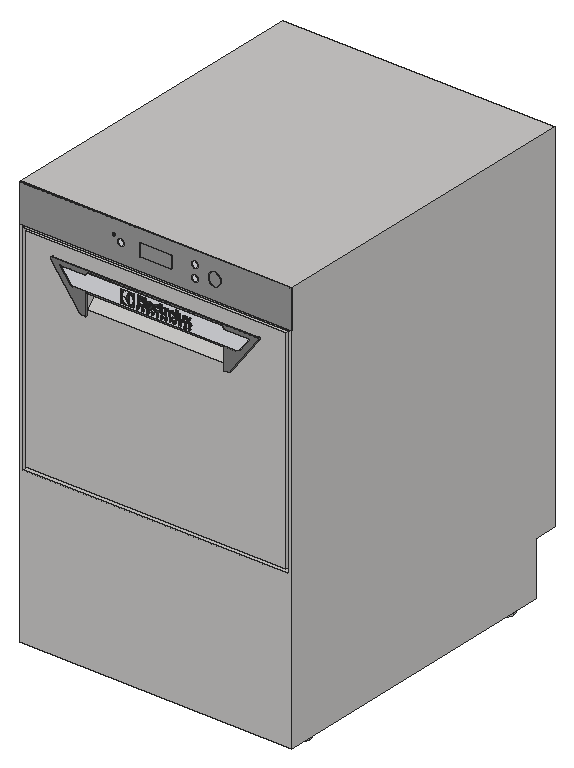
Revit family "QF_ELECTROLUXPROFESSIONAL_402187_ETGWS1S", category Attrezzature speciali, Revit 2021
Family settings
  Quota connettore circolare = Usa diametro
  Tipo di parte = Normale
  Basato su piano di lavoro = No
  Sempre verticale = Sì
  Taglio con vuoti quando caricato = No
  Condiviso = No
  Punto di calcolo locali = No
Parameters (values of type "Standard")
  Weight = 36.50 kg
  Watts = 2700 W
  Volts = 220 V
  URL Manufacturer = "https://www.electroluxprofessional.com/"
  URL = "https://www.electroluxprofessional.com/"
  Steam Supply Size = 0 mm
  Steam Supply Minimum Pressure = 0.0 Pa
  Steam Supply Maximum Pressure = 0.0 Pa
  Steam Consumption per Hour = 0
  Show Logo [instance] = yes
  Show Clearance [instance] = yes
  Refrigeration Suction Line Size = 0 mm
  Refrigeration Liquid Line Size = 0 mm
  Refrigerant Compressor Remote = yes
  Produttore = "Electrolux Professional"
  Phase = 1
  Modello = "ETGWS1S"
  Length Actual = 455 mm  # constant formula
  Item Number = "402187"
  Hot Water Size = 0 mm
  Height Actual = 700 mm  # constant formula
  HP = "3.6 HP"
  Gas Size = 0 mm
  Gas KW = 0
  Gas Input Pressure = 0 W
  Direct Waste Size = 29 mm
  Descrizione = "UC GLASSWASHER (S), ELECTRONIC, SINGLE SKIN, PRESSURE, RINSE AID PUMP, 40R/H, 230/1/50HZ, SCHUKO PLUG"
  Prospetto di default = 0 mm
  Depth Actual = 550 mm  # constant formula
  Cycle = 50 Hz
  Condensate Return Size = 0 mm
  Compressed Air Volume = 0.0 L/s
  Compressed Air Size = 0 mm
  Compressed Air Pressure = 0.0 Pa
  Cold Water Size = 19.05 mm
  Accessory = yes
Reference planes
  plane 1 "Center (Front/Back)": y = 0
  plane 2: z = 0
  plane 3 "Center (Left/Right)": x = 0
  plane 4 "LEFT": x = -227.5
  plane 5 "RIGHT": x = 227.5
  plane 6 "FRONT": y = -275
  plane 7 "BACK": y = 275
  plane 8: z = 700
  plane 9: z = 10
  plane 10: y = 236
  plane 11 "2": y = -274
Forms (mm)
  Extrusion 1, solid, material "QF_Finishes_Stainless Steel", detail levels medium+fine
    sketch origin (0, 0, 0) x (1, 0, 0) y (0, 1, 0)
      loop
        line (-227.5, -275) -> (227.5, -275) -> (227.5, 236) -> (-227.5, 236) -> (-227.5, -275)
    from 10 to 700
  Extrusion 2, solid, material "QF_Finishes_Stainless Steel", detail levels medium+fine
    sketch origin (0, 0, 0) x (1, 0, 0) y (0, 1, 0)
      loop
        line (-227.5, 236) -> (227.5, 236) -> (227.5, 275) -> (-227.5, 275) -> (-227.5, 236)
    from 100 to 700
  Extrusion 3, solid, material "QF_Finishes_Stainless Steel", detail levels fine
    sketch origin (0, 0, 0) x (1, 0, 0) y (0, 1, 0)
      loop
        circle (-208, 198) r 12.5
      loop
        circle (208, 198) r 12.5
      loop
        circle (-208, -228) r 12.5
      loop
        circle (208, -228) r 12.5
    from 0 to 10
  Extrusion 4, void
    sketch origin (-227.5, -275, 0) x (-1, 0, 0) y (0, 0, 1)
      loop
        line (-5, 634.145) -> (-450, 634.145) -> (-450, 270) -> (-5, 270) -> (-5, 634.145)
    from 0 to 30
  Extrusion 5, solid, material "QF_Finishes_Stainless Steel"
    sketch origin (-212, -392, 752) x (0, 0, -1) y (1, 0, 0)
      loop
        circle (693, 215.5) r 10
    from -628 to -667
  Extrusion 6, solid, material "QF_Finishes_Stainless Steel"
    sketch origin (-432.481, -392, 722) x (0, 0, -1) y (1, 0, 0)
      loop
        circle (663, 324.981) r 8
    from -628 to -667
  Extrusion 7, solid, material "QF_Finishes_Stainless Steel"
    sketch origin (-268, -392, 682.5) x (0, 0, -1) y (1, 0, 0)
      loop
        circle (663, 230.5) r 8
    from -628 to -667
  Extrusion 8, solid, material "QF_Finishes_Stainless Steel"
    sketch origin (-50.5, 508.026, -145.045) x (0, -1, 0) y (0, 0, 1)
      loop
        line (755.578, 774.145) -> (755.578, 420.045) -> (783.026, 420.045) -> (783.026, 774.145) -> (755.578, 774.145)
    from -268.245 to 167
  Extrusion 9, solid, material "QF_Finishes_Grey"
    sketch origin (1109.779, -277.6, -140) x (-1, 0, 0) y (0, 0, 1)
      loop
        line (1224.779, 677.936) -> (1231.15, 677.936)
        arc (1231.15, 677.936) -> (1234.782, 678.808) -> (1237.622, 681.234) r 8
        line (1237.622, 681.234) -> (1283.237, 744.017)
        arc (1283.237, 744.017) -> (1283.404, 746.136) -> (1281.591, 747.247) r 2.035
        line (1281.591, 747.247) -> (937.967, 747.247)
        arc (937.967, 747.247) -> (936.154, 746.136) -> (936.321, 744.017) r 2.035
        line (936.321, 744.017) -> (981.935, 681.234)
        arc (981.935, 681.234) -> (984.775, 678.808) -> (988.407, 677.936) r 8
        line (988.407, 677.936) -> (994.779, 677.936) -> (994.779, 712.928) -> (1224.779, 712.928) -> (1224.779, 677.936)
      loop
        line (1252.743, 719.058) -> (1268.137, 740.247) -> (1224.779, 740.247) -> (1221.329, 745.174) -> (998.229, 745.174) -> (994.779, 740.247) -> (951.42, 740.247) -> (966.815, 719.058)
        arc (966.815, 719.058) -> (970.365, 716.026) -> (974.905, 714.936) r 10
        line (974.905, 714.936) -> (1244.653, 714.936)
        arc (1244.653, 714.936) -> (1249.192, 716.026) -> (1252.743, 719.058) r 10
    from 2.6 to 0.6
  Extrusion 10, solid, material "QF_Finishes_White"
    sketch origin (1109.779, -277.552, -140) x (-1, 0, 0) y (0, 0, 1)
      loop
        arc (1244.653, 714.936) -> (1249.192, 716.026) -> (1252.743, 719.058) r 10
        line (1252.743, 719.058) -> (1268.137, 740.247) -> (1224.779, 740.247) -> (1221.329, 745.174) -> (998.229, 745.174) -> (994.779, 740.247) -> (951.42, 740.247) -> (966.815, 719.058)
        arc (966.815, 719.058) -> (970.365, 716.026) -> (974.905, 714.936) r 10
        line (974.905, 714.936) -> (1244.653, 714.936)
      loop
        line (1134.538, 728.308) -> (1129.975, 728.308) -> (1129.975, 725.979) -> (1134.559, 725.979) -> (1135.532, 726.049)
        spline (1135.532, 726.049) -> (1136.121, 726.164) -> (1136.653, 726.332) -> (1137.128, 726.553) -> (1137.548, 726.825) -> (1137.914, 727.144) -> (1138.226, 727.51) -> (1138.487, 727.921) -> (1138.698, 728.373) -> (1138.86, 728.866) -> (1138.974, 729.398) -> (1139.041, 729.966) -> (1139.063, 730.569)
        line (1139.063, 730.569) -> (1139.063, 740.368) -> (1130.147, 740.368) -> (1130.147, 738.037) -> (1136.586, 738.037) -> (1136.586, 734.634) -> (1130.533, 734.634) -> (1130.533, 732.296) -> (1136.585, 732.296) -> (1136.585, 730.463)
        spline (1136.585, 730.463) -> (1136.56, 730.049) -> (1136.488, 729.69) -> (1136.376, 729.381) -> (1136.229, 729.119) -> (1136.054, 728.901) -> (1135.857, 728.723) -> (1135.643, 728.582) -> (1135.419, 728.474) -> (1135.19, 728.396) -> (1134.963, 728.345) -> (1134.744, 728.317) -> (1134.538, 728.308)
      loop
        line (1128.214, 733.569) -> (1128.214, 740.372) -> (1125.736, 740.372) -> (1125.736, 725.976) -> (1128.214, 725.976) -> (1128.214, 733.569)
      loop
        line (1113.463, 731.445) -> (1113.505, 730.574) -> (1121.638, 730.574)
        spline (1121.638, 730.574) -> (1121.593, 730.171) -> (1121.504, 729.795) -> (1121.37, 729.446) -> (1121.194, 729.126) -> (1120.977, 728.838) -> (1120.722, 728.582) -> (1120.431, 728.361) -> (1120.104, 728.176) -> (1119.744, 728.03) -> (1119.353, 727.923) -> (1118.933, 727.857) -> (1118.484, 727.835)
        spline (1118.484, 727.835) -> (1118.178, 727.844) -> (1117.89, 727.87) -> (1117.62, 727.912) -> (1117.365, 727.972) -> (1117.124, 728.048) -> (1116.894, 728.141) -> (1116.675, 728.251) -> (1116.463, 728.376) -> (1116.258, 728.518) -> (1116.057, 728.676) -> (1115.86, 728.849) -> (1115.663, 729.039)
        line (1115.663, 729.039) -> (1114.169, 727.586)
        spline (1114.169, 727.586) -> (1114.509, 727.249) -> (1114.853, 726.951) -> (1115.203, 726.69) -> (1115.558, 726.466) -> (1115.918, 726.275) -> (1116.282, 726.116) -> (1116.652, 725.986) -> (1117.026, 725.885) -> (1117.404, 725.809) -> (1117.788, 725.758) -> (1118.175, 725.728) -> (1118.567, 725.719)
        spline (1118.567, 725.719) -> (1119.371, 725.763) -> (1120.127, 725.892) -> (1120.833, 726.104) -> (1121.482, 726.394) -> (1122.071, 726.76) -> (1122.596, 727.198) -> (1123.053, 727.705) -> (1123.436, 728.277) -> (1123.741, 728.911) -> (1123.965, 729.605) -> (1124.102, 730.353) -> (1124.149, 731.154)
        spline (1124.149, 731.154) -> (1124.1, 731.975) -> (1123.959, 732.742) -> (1123.73, 733.452) -> (1123.419, 734.101) -> (1123.032, 734.686) -> (1122.573, 735.205) -> (1122.048, 735.652) -> (1121.463, 736.026) -> (1120.824, 736.322) -> (1120.134, 736.538) -> (1119.401, 736.67) -> (1118.63, 736.715)
        spline (1118.63, 736.715) -> (1117.874, 736.667) -> (1117.166, 736.528) -> (1116.509, 736.303) -> (1115.907, 735.999) -> (1115.363, 735.622) -> (1114.879, 735.177) -> (1114.461, 734.672) -> (1114.111, 734.112) -> (1113.833, 733.503) -> (1113.63, 732.851) -> (1113.506, 732.163) -> (1113.463, 731.445)
      loop
        line (1115.995, 732.317) -> (1121.575, 732.317)
        spline (1121.575, 732.317) -> (1121.525, 732.627) -> (1121.429, 732.925) -> (1121.29, 733.207) -> (1121.111, 733.471) -> (1120.896, 733.713) -> (1120.647, 733.932) -> (1120.368, 734.125) -> (1120.062, 734.288) -> (1119.732, 734.42) -> (1119.381, 734.518) -> (1119.012, 734.578) -> (1118.63, 734.599)
        spline (1118.63, 734.599) -> (1118.273, 734.578) -> (1117.93, 734.516) -> (1117.605, 734.417) -> (1117.301, 734.284) -> (1117.021, 734.118) -> (1116.767, 733.924) -> (1116.544, 733.705) -> (1116.355, 733.461) -> (1116.202, 733.198) -> (1116.089, 732.918) -> (1116.019, 732.623) -> (1115.995, 732.317)
      loop
        spline (1109.715, 731.217) -> (1109.687, 730.756) -> (1109.604, 730.319) -> (1109.469, 729.908) -> (1109.287, 729.528) -> (1109.06, 729.181) -> (1108.792, 728.87) -> (1108.485, 728.598) -> (1108.144, 728.369) -> (1107.772, 728.186) -> (1107.371, 728.051) -> (1106.946, 727.967) -> (1106.499, 727.939)
        spline (1106.499, 727.939) -> (1106.225, 727.948) -> (1105.962, 727.973) -> (1105.711, 728.015) -> (1105.469, 728.073) -> (1105.238, 728.148) -> (1105.016, 728.237) -> (1104.802, 728.342) -> (1104.597, 728.462) -> (1104.399, 728.595) -> (1104.207, 728.743) -> (1104.023, 728.905) -> (1103.844, 729.08)
        line (1103.844, 729.08) -> (1102.308, 727.483)
        spline (1102.308, 727.483) -> (1102.614, 727.177) -> (1102.928, 726.902) -> (1103.252, 726.658) -> (1103.584, 726.443) -> (1103.924, 726.256) -> (1104.271, 726.098) -> (1104.626, 725.966) -> (1104.988, 725.859) -> (1105.357, 725.778) -> (1105.732, 725.722) -> (1106.113, 725.688) -> (1106.499, 725.677)
        spline (1106.499, 725.677) -> (1107.273, 725.725) -> (1108.015, 725.866) -> (1108.718, 726.094) -> (1109.375, 726.403) -> (1109.979, 726.79) -> (1110.524, 727.249) -> (1111.004, 727.774) -> (1111.411, 728.361) -> (1111.739, 729.003) -> (1111.982, 729.697) -> (1112.132, 730.437) -> (1112.184, 731.217)
        spline (1112.184, 731.217) -> (1112.132, 731.997) -> (1111.982, 732.737) -> (1111.739, 733.431) -> (1111.411, 734.073) -> (1111.004, 734.66) -> (1110.524, 735.185) -> (1109.979, 735.644) -> (1109.375, 736.03) -> (1108.718, 736.34) -> (1108.015, 736.568) -> (1107.273, 736.709) -> (1106.499, 736.757)
        spline (1106.499, 736.757) -> (1106.113, 736.746) -> (1105.732, 736.712) -> (1105.357, 736.655) -> (1104.988, 736.574) -> (1104.626, 736.468) -> (1104.271, 736.336) -> (1103.924, 736.178) -> (1103.584, 735.991) -> (1103.252, 735.776) -> (1102.928, 735.532) -> (1102.614, 735.257) -> (1102.308, 734.952)
        line (1102.308, 734.952) -> (1103.844, 733.354)
        spline (1103.844, 733.354) -> (1104.023, 733.529) -> (1104.207, 733.691) -> (1104.399, 733.839) -> (1104.597, 733.972) -> (1104.802, 734.092) -> (1105.016, 734.197) -> (1105.238, 734.286) -> (1105.469, 734.361) -> (1105.711, 734.419) -> (1105.962, 734.461) -> (1106.225, 734.486) -> (1106.499, 734.495)
        spline (1106.499, 734.495) -> (1106.946, 734.467) -> (1107.371, 734.383) -> (1107.772, 734.248) -> (1108.144, 734.065) -> (1108.485, 733.836) -> (1108.792, 733.564) -> (1109.06, 733.253) -> (1109.287, 732.906) -> (1109.469, 732.526) -> (1109.604, 732.115) -> (1109.687, 731.678) -> (1109.715, 731.217)
      loop
        line (1095.989, 728.305) -> (1095.998, 725.976) -> (1097.045, 726.023)
        spline (1097.045, 726.023) -> (1097.633, 726.122) -> (1098.166, 726.275) -> (1098.647, 726.479) -> (1099.075, 726.732) -> (1099.453, 727.033) -> (1099.78, 727.38) -> (1100.059, 727.772) -> (1100.291, 728.205) -> (1100.476, 728.678) -> (1100.616, 729.19) -> (1100.712, 729.738) -> (1100.765, 730.321)
        line (1100.765, 730.321) -> (1100.765, 740.372) -> (1098.287, 740.372) -> (1098.287, 736.386) -> (1096.036, 736.386) -> (1096.036, 734.135) -> (1098.29, 734.135) -> (1098.29, 730.462)
        spline (1098.29, 730.462) -> (1098.238, 730.026) -> (1098.14, 729.649) -> (1098.002, 729.329) -> (1097.831, 729.061) -> (1097.632, 728.84) -> (1097.412, 728.664) -> (1097.177, 728.527) -> (1096.933, 728.427) -> (1096.686, 728.358) -> (1096.442, 728.318) -> (1096.208, 728.301) -> (1095.989, 728.305)
      loop
        line (1087.65, 736.531) -> (1087.65, 734.134) -> (1088.683, 734.238)
        spline (1088.683, 734.238) -> (1089.099, 734.216) -> (1089.487, 734.15) -> (1089.845, 734.043) -> (1090.173, 733.896) -> (1090.469, 733.71) -> (1090.73, 733.487) -> (1090.956, 733.228) -> (1091.145, 732.934) -> (1091.294, 732.608) -> (1091.403, 732.251) -> (1091.469, 731.864) -> (1091.492, 731.449)
        line (1091.492, 731.449) -> (1091.492, 725.976) -> (1093.95, 725.976) -> (1093.95, 736.386) -> (1091.492, 736.386) -> (1091.492, 734.838)
        spline (1091.492, 734.838) -> (1091.301, 735.126) -> (1091.083, 735.392) -> (1090.839, 735.633) -> (1090.57, 735.849) -> (1090.276, 736.038) -> (1089.961, 736.2) -> (1089.623, 736.333) -> (1089.265, 736.436) -> (1088.888, 736.509) -> (1088.492, 736.549) -> (1088.079, 736.557) -> (1087.65, 736.531)
      loop
        spline (1075.91, 731.181) -> (1075.962, 730.417) -> (1076.113, 729.689) -> (1076.356, 729.004) -> (1076.685, 728.365) -> (1077.093, 727.78) -> (1077.573, 727.254) -> (1078.119, 726.793) -> (1078.723, 726.403) -> (1079.379, 726.089) -> (1080.08, 725.858) -> (1080.819, 725.715) -> (1081.59, 725.666)
        spline (1081.59, 725.666) -> (1082.366, 725.715) -> (1083.108, 725.858) -> (1083.811, 726.089) -> (1084.468, 726.403) -> (1085.071, 726.793) -> (1085.616, 727.254) -> (1086.094, 727.78) -> (1086.501, 728.365) -> (1086.828, 729.004) -> (1087.07, 729.689) -> (1087.22, 730.417) -> (1087.271, 731.181)
        spline (1087.271, 731.181) -> (1087.22, 731.944) -> (1087.07, 732.672) -> (1086.828, 733.358) -> (1086.501, 733.997) -> (1086.094, 734.582) -> (1085.616, 735.108) -> (1085.071, 735.569) -> (1084.468, 735.959) -> (1083.811, 736.272) -> (1083.108, 736.503) -> (1082.366, 736.646) -> (1081.59, 736.695)
        spline (1081.59, 736.695) -> (1080.819, 736.646) -> (1080.08, 736.503) -> (1079.379, 736.272) -> (1078.723, 735.959) -> (1078.119, 735.569) -> (1077.573, 735.108) -> (1077.093, 734.582) -> (1076.685, 733.997) -> (1076.356, 733.358) -> (1076.113, 732.672) -> (1075.962, 731.944) -> (1075.91, 731.181)
      loop
        spline (1078.369, 731.181) -> (1078.397, 730.73) -> (1078.481, 730.301) -> (1078.617, 729.895) -> (1078.8, 729.517) -> (1079.028, 729.171) -> (1079.298, 728.859) -> (1079.605, 728.586) -> (1079.947, 728.355) -> (1080.32, 728.168) -> (1080.72, 728.031) -> (1081.145, 727.946) -> (1081.59, 727.917)
        spline (1081.59, 727.917) -> (1082.04, 727.946) -> (1082.467, 728.031) -> (1082.869, 728.168) -> (1083.243, 728.355) -> (1083.584, 728.586) -> (1083.89, 728.859) -> (1084.159, 729.171) -> (1084.385, 729.517) -> (1084.567, 729.895) -> (1084.701, 730.301) -> (1084.784, 730.73) -> (1084.812, 731.181)
        spline (1084.812, 731.181) -> (1084.784, 731.631) -> (1084.701, 732.061) -> (1084.567, 732.466) -> (1084.385, 732.844) -> (1084.159, 733.19) -> (1083.89, 733.502) -> (1083.584, 733.775) -> (1083.243, 734.007) -> (1082.869, 734.193) -> (1082.467, 734.33) -> (1082.04, 734.415) -> (1081.59, 734.444)
        spline (1081.59, 734.444) -> (1081.145, 734.415) -> (1080.72, 734.33) -> (1080.32, 734.193) -> (1079.947, 734.007) -> (1079.605, 733.775) -> (1079.298, 733.502) -> (1079.028, 733.19) -> (1078.8, 732.844) -> (1078.617, 732.466) -> (1078.481, 732.061) -> (1078.397, 731.631) -> (1078.369, 731.181)
      loop
        line (1074.386, 733.817) -> (1074.386, 740.372) -> (1071.907, 740.372) -> (1071.907, 725.976) -> (1074.386, 725.976) -> (1074.386, 733.817)
      loop
        line (1062.968, 736.386) -> (1060.469, 736.386) -> (1060.469, 730.169)
        spline (1060.469, 730.169) -> (1060.514, 729.447) -> (1060.644, 728.791) -> (1060.852, 728.199) -> (1061.133, 727.671) -> (1061.481, 727.207) -> (1061.889, 726.807) -> (1062.351, 726.469) -> (1062.862, 726.193) -> (1063.414, 725.98) -> (1064.002, 725.828) -> (1064.619, 725.737) -> (1065.26, 725.707)
        spline (1065.26, 725.707) -> (1065.896, 725.737) -> (1066.509, 725.826) -> (1067.092, 725.976) -> (1067.64, 726.186) -> (1068.146, 726.458) -> (1068.604, 726.791) -> (1069.009, 727.186) -> (1069.353, 727.644) -> (1069.632, 728.164) -> (1069.839, 728.748) -> (1069.967, 729.395) -> (1070.011, 730.106)
        line (1070.011, 730.106) -> (1070.011, 736.386) -> (1067.512, 736.386) -> (1067.512, 730.313)
        spline (1067.512, 730.313) -> (1067.492, 729.924) -> (1067.434, 729.574) -> (1067.34, 729.26) -> (1067.212, 728.983) -> (1067.053, 728.741) -> (1066.864, 728.534) -> (1066.648, 728.362) -> (1066.407, 728.222) -> (1066.144, 728.114) -> (1065.86, 728.039) -> (1065.558, 727.994) -> (1065.24, 727.979)
        spline (1065.24, 727.979) -> (1064.922, 727.994) -> (1064.62, 728.039) -> (1064.336, 728.115) -> (1064.072, 728.223) -> (1063.832, 728.363) -> (1063.616, 728.537) -> (1063.427, 728.746) -> (1063.268, 728.989) -> (1063.14, 729.269) -> (1063.046, 729.586) -> (1062.988, 729.941) -> (1062.968, 730.334)
        line (1062.968, 730.334) -> (1062.968, 736.386)
      loop
        line (1051.091, 729.305) -> (1048.71, 725.976) -> (1051.374, 725.976) -> (1054.018, 729.652) -> (1056.662, 725.976) -> (1059.326, 725.976) -> (1057.534, 728.472) -> (1055.381, 731.47) -> (1057.435, 734.279) -> (1058.975, 736.385) -> (1056.29, 736.385) -> (1054.018, 733.267) -> (1051.766, 736.385) -> (1049.061, 736.385) -> (1050.719, 734.127) -> (1052.654, 731.49) -> (1051.091, 729.305)
      loop
        arc (1137.67, 723.711) -> (1136.024, 722.066) -> (1137.67, 720.421) r 1.645
        line (1137.67, 720.421) -> (1138.564, 720.421) -> (1138.564, 718.734) -> (1139.587, 718.734) -> (1139.587, 723.711) -> (1137.67, 723.711)
      loop
        arc (1137.711, 722.77) -> (1137.007, 722.066) -> (1137.711, 721.361) r 0.704
        line (1137.711, 721.361) -> (1138.564, 721.361) -> (1138.564, 722.77) -> (1137.711, 722.77)
      loop
        arc (1129.861, 723.711) -> (1128.713, 723.243) -> (1128.219, 722.107) r 1.643
        arc (1128.219, 722.107) -> (1128.437, 721.282) -> (1129.061, 720.7) r 1.536
        line (1129.061, 720.7) -> (1127.867, 718.734) -> (1129.028, 718.734) -> (1130.009, 720.366) -> (1130.79, 720.448) -> (1130.79, 718.734) -> (1131.813, 718.734) -> (1131.813, 723.711) -> (1129.861, 723.711)
      loop
        line (1129.951, 721.382) -> (1130.79, 721.382) -> (1130.79, 722.77) -> (1129.882, 722.77)
        arc (1129.882, 722.77) -> (1129.256, 722.043) -> (1129.951, 721.382) r 0.696
      loop
        circle (1121.513, 721.223) r 2.585
      loop
        circle (1121.513, 721.223) r 1.64
      loop
        line (1114.648, 723.711) -> (1111.572, 723.711) -> (1111.572, 722.77) -> (1113.625, 722.77) -> (1113.625, 721.72) -> (1111.752, 721.72) -> (1111.752, 720.78) -> (1113.625, 720.78) -> (1113.625, 718.734) -> (1114.648, 718.734) -> (1114.648, 723.711)
      loop
        line (1107.351, 723.711) -> (1104.199, 723.711) -> (1104.199, 722.77) -> (1106.327, 722.77) -> (1106.327, 721.906) -> (1104.337, 721.906) -> (1104.337, 721.124) -> (1106.327, 721.124) -> (1106.327, 720.296)
        arc (1106.327, 720.296) -> (1106.1, 719.748) -> (1105.552, 719.521) r 0.775
        line (1105.552, 719.521) -> (1104.151, 719.521) -> (1104.151, 718.734) -> (1105.758, 718.734)
        arc (1105.758, 718.734) -> (1106.892, 719.208) -> (1107.351, 720.348) r 1.593
        line (1107.351, 720.348) -> (1107.351, 723.711)
      loop
        arc (1097.457, 722.405) -> (1097.878, 722.739) -> (1098.402, 722.854) r 1.197
        arc (1098.402, 722.854) -> (1098.874, 722.478) -> (1098.547, 721.971) r 0.45
        arc (1098.547, 721.971) -> (1097.983, 721.759) -> (1097.432, 721.513) r 9.883
        arc (1097.432, 721.513) -> (1096.997, 721.229) -> (1096.656, 720.836) r 1.876
        arc (1096.656, 720.836) -> (1096.499, 719.983) -> (1096.804, 719.172) r 1.618
        arc (1096.804, 719.172) -> (1097.495, 718.805) -> (1098.262, 718.652) r 2.696
        arc (1098.262, 718.652) -> (1098.883, 718.714) -> (1099.456, 718.959) r 2.063
        arc (1099.456, 718.959) -> (1099.909, 719.35) -> (1100.219, 719.862) r 1.914
        line (1100.219, 719.862) -> (1099.437, 720.352)
        arc (1099.437, 720.352) -> (1099.173, 719.945) -> (1098.752, 719.703) r 1.033
        arc (1098.752, 719.703) -> (1098.18, 719.588) -> (1097.639, 719.808) r 1.016
        arc (1097.639, 719.808) -> (1097.482, 720.161) -> (1097.68, 720.492) r 0.42
        arc (1097.68, 720.492) -> (1098.186, 720.769) -> (1098.72, 720.985) r 5.041
        arc (1098.72, 720.985) -> (1099.298, 721.289) -> (1099.741, 721.768) r 1.928
        arc (1099.741, 721.768) -> (1099.855, 722.207) -> (1099.866, 722.66) r 1.985
        arc (1099.866, 722.66) -> (1099.75, 723.048) -> (1099.492, 723.359) r 1.013
        arc (1099.492, 723.359) -> (1098.946, 723.67) -> (1098.33, 723.793) r 1.974
        arc (1098.33, 723.793) -> (1097.403, 723.575) -> (1096.722, 722.91) r 1.782
        line (1096.722, 722.91) -> (1097.457, 722.405)
      loop
        arc (1089.939, 722.405) -> (1090.36, 722.739) -> (1090.884, 722.854) r 1.197
        arc (1090.884, 722.854) -> (1091.355, 722.478) -> (1091.029, 721.971) r 0.45
        arc (1091.029, 721.971) -> (1090.464, 721.759) -> (1089.914, 721.513) r 9.883
        arc (1089.914, 721.513) -> (1089.478, 721.229) -> (1089.138, 720.836) r 1.876
        arc (1089.138, 720.836) -> (1088.98, 719.983) -> (1089.286, 719.172) r 1.618
        arc (1089.286, 719.172) -> (1089.977, 718.805) -> (1090.744, 718.652) r 2.696
        arc (1090.744, 718.652) -> (1091.365, 718.714) -> (1091.938, 718.959) r 2.063
        arc (1091.938, 718.959) -> (1092.391, 719.35) -> (1092.701, 719.862) r 1.914
        line (1092.701, 719.862) -> (1091.919, 720.352)
        arc (1091.919, 720.352) -> (1091.655, 719.945) -> (1091.234, 719.703) r 1.033
        arc (1091.234, 719.703) -> (1090.661, 719.588) -> (1090.12, 719.808) r 1.016
        arc (1090.12, 719.808) -> (1089.964, 720.161) -> (1090.162, 720.492) r 0.42
        arc (1090.162, 720.492) -> (1090.667, 720.769) -> (1091.201, 720.985) r 5.041
        arc (1091.201, 720.985) -> (1091.779, 721.289) -> (1092.223, 721.768) r 1.928
        arc (1092.223, 721.768) -> (1092.336, 722.207) -> (1092.348, 722.66) r 1.985
        arc (1092.348, 722.66) -> (1092.232, 723.048) -> (1091.974, 723.359) r 1.013
        arc (1091.974, 723.359) -> (1091.428, 723.67) -> (1090.811, 723.793) r 1.974
        arc (1090.811, 723.793) -> (1089.885, 723.575) -> (1089.203, 722.91) r 1.782
        line (1089.203, 722.91) -> (1089.939, 722.405)
      loop
        line (1084.747, 723.711) -> (1083.724, 723.711) -> (1083.724, 718.734) -> (1084.747, 718.734) -> (1084.747, 723.711)
      loop
        circle (1076.824, 721.223) r 1.548
      loop
        circle (1076.824, 721.223) r 2.585
      loop
        line (1069.959, 718.734) -> (1069.959, 723.711) -> (1068.964, 723.711) -> (1066.687, 720.487) -> (1066.687, 723.711) -> (1065.654, 723.711) -> (1065.654, 718.734) -> (1066.648, 718.734) -> (1068.925, 721.863) -> (1068.925, 718.734) -> (1069.959, 718.734)
      loop
        line (1060.494, 718.734) -> (1061.593, 718.734) -> (1059.088, 723.711) -> (1056.584, 718.734) -> (1057.684, 718.734) -> (1058.168, 719.808) -> (1060.009, 719.808) -> (1060.494, 718.734)
      loop
        line (1059.088, 721.85) -> (1058.628, 720.829) -> (1059.55, 720.829) -> (1059.088, 721.85)
      loop
        line (1051.501, 719.675) -> (1049.587, 719.675) -> (1049.587, 718.734) -> (1052.525, 718.734) -> (1052.525, 723.711) -> (1051.501, 723.711) -> (1051.501, 719.675)
      loop
        line (1166.534, 718.734) -> (1166.534, 740.368) -> (1144.871, 740.368) -> (1144.871, 718.734) -> (1166.534, 718.734)
      loop
        arc (1152.81, 739.306) -> (1145.614, 729.573) -> (1152.81, 719.841) r 10.18
        line (1152.81, 719.841) -> (1152.81, 739.306)
      loop
        arc (1153.8, 737.897) -> (1156.822, 732.473) -> (1162.575, 730.138) r 9.351
        line (1162.575, 730.138) -> (1165.795, 730.138)
        arc (1165.795, 730.138) -> (1161.895, 737.466) -> (1153.8, 739.306) r 9.976
        line (1153.8, 739.306) -> (1153.8, 737.897)
      loop
        line (1165.795, 729.009) -> (1162.575, 729.009)
        arc (1162.575, 729.009) -> (1156.822, 726.674) -> (1153.8, 721.25) r 9.351
        line (1153.8, 721.25) -> (1153.8, 719.591)
        arc (1153.8, 719.591) -> (1161.902, 721.62) -> (1165.795, 729.009) r 10.237
    from 0.552 to 2.552
  Extrusion 11, solid, material "QF_Door-Drawer Clearances", detail levels coarse
    sketch origin (-50.5, 469.81, -129.52) x (0, -1, 0) y (0, 0, 1)
      loop
        arc (1151.948, 404.52) -> (1007.811, 649.792) -> (744.81, 758.257) r 446.578
        line (744.81, 758.257) -> (744.81, 404.52) -> (1151.948, 404.52)
    from -268.245 to 167
  Extrusion 12, solid, material "QF_Finishes_Black"
    sketch origin (1109.779, -277.6, -140) x (-1, 0, 0) y (0, 0, 1)
      loop
        line (1134.538, 728.308) -> (1129.975, 728.308) -> (1129.975, 725.979) -> (1134.559, 725.979) -> (1135.532, 726.049)
        spline (1135.532, 726.049) -> (1136.121, 726.164) -> (1136.653, 726.332) -> (1137.128, 726.553) -> (1137.548, 726.825) -> (1137.914, 727.144) -> (1138.226, 727.51) -> (1138.487, 727.921) -> (1138.698, 728.373) -> (1138.86, 728.866) -> (1138.974, 729.398) -> (1139.041, 729.966) -> (1139.063, 730.569)
        line (1139.063, 730.569) -> (1139.063, 740.368) -> (1130.147, 740.368) -> (1130.147, 738.037) -> (1136.586, 738.037) -> (1136.586, 734.634) -> (1130.533, 734.634) -> (1130.533, 732.296) -> (1136.585, 732.296) -> (1136.585, 730.463)
        spline (1136.585, 730.463) -> (1136.56, 730.049) -> (1136.488, 729.69) -> (1136.376, 729.381) -> (1136.229, 729.119) -> (1136.054, 728.901) -> (1135.857, 728.723) -> (1135.643, 728.582) -> (1135.419, 728.474) -> (1135.19, 728.396) -> (1134.963, 728.345) -> (1134.744, 728.317) -> (1134.538, 728.308)
      loop
        line (1128.214, 733.569) -> (1128.214, 740.372) -> (1125.736, 740.372) -> (1125.736, 725.976) -> (1128.214, 725.976) -> (1128.214, 733.569)
      loop
        line (1113.463, 731.445) -> (1113.505, 730.574) -> (1121.638, 730.574)
        spline (1121.638, 730.574) -> (1121.593, 730.171) -> (1121.504, 729.795) -> (1121.37, 729.446) -> (1121.194, 729.126) -> (1120.977, 728.838) -> (1120.722, 728.582) -> (1120.431, 728.361) -> (1120.104, 728.176) -> (1119.744, 728.03) -> (1119.353, 727.923) -> (1118.933, 727.857) -> (1118.484, 727.835)
        spline (1118.484, 727.835) -> (1118.178, 727.844) -> (1117.89, 727.87) -> (1117.62, 727.912) -> (1117.365, 727.972) -> (1117.124, 728.048) -> (1116.894, 728.141) -> (1116.675, 728.251) -> (1116.463, 728.376) -> (1116.258, 728.518) -> (1116.057, 728.676) -> (1115.86, 728.849) -> (1115.663, 729.039)
        line (1115.663, 729.039) -> (1114.169, 727.586)
        spline (1114.169, 727.586) -> (1114.509, 727.249) -> (1114.853, 726.951) -> (1115.203, 726.69) -> (1115.558, 726.466) -> (1115.918, 726.275) -> (1116.282, 726.116) -> (1116.652, 725.986) -> (1117.026, 725.885) -> (1117.404, 725.809) -> (1117.788, 725.758) -> (1118.175, 725.728) -> (1118.567, 725.719)
        spline (1118.567, 725.719) -> (1119.371, 725.763) -> (1120.127, 725.892) -> (1120.833, 726.104) -> (1121.482, 726.394) -> (1122.071, 726.76) -> (1122.596, 727.198) -> (1123.053, 727.705) -> (1123.436, 728.277) -> (1123.741, 728.911) -> (1123.965, 729.605) -> (1124.102, 730.353) -> (1124.149, 731.154)
        spline (1124.149, 731.154) -> (1124.1, 731.975) -> (1123.959, 732.742) -> (1123.73, 733.452) -> (1123.419, 734.101) -> (1123.032, 734.686) -> (1122.573, 735.205) -> (1122.048, 735.652) -> (1121.463, 736.026) -> (1120.824, 736.322) -> (1120.134, 736.538) -> (1119.401, 736.67) -> (1118.63, 736.715)
        spline (1118.63, 736.715) -> (1117.874, 736.667) -> (1117.166, 736.528) -> (1116.509, 736.303) -> (1115.907, 735.999) -> (1115.363, 735.622) -> (1114.879, 735.177) -> (1114.461, 734.672) -> (1114.111, 734.112) -> (1113.833, 733.503) -> (1113.63, 732.851) -> (1113.506, 732.163) -> (1113.463, 731.445)
      loop
        line (1115.995, 732.317) -> (1121.575, 732.317)
        spline (1121.575, 732.317) -> (1121.525, 732.627) -> (1121.429, 732.925) -> (1121.29, 733.207) -> (1121.111, 733.471) -> (1120.896, 733.713) -> (1120.647, 733.932) -> (1120.368, 734.125) -> (1120.062, 734.288) -> (1119.732, 734.42) -> (1119.381, 734.518) -> (1119.012, 734.578) -> (1118.63, 734.599)
        spline (1118.63, 734.599) -> (1118.273, 734.578) -> (1117.93, 734.516) -> (1117.605, 734.417) -> (1117.301, 734.284) -> (1117.021, 734.118) -> (1116.767, 733.924) -> (1116.544, 733.705) -> (1116.355, 733.461) -> (1116.202, 733.198) -> (1116.089, 732.918) -> (1116.019, 732.623) -> (1115.995, 732.317)
      loop
        spline (1109.715, 731.217) -> (1109.687, 730.756) -> (1109.604, 730.319) -> (1109.469, 729.908) -> (1109.287, 729.528) -> (1109.06, 729.181) -> (1108.792, 728.87) -> (1108.485, 728.598) -> (1108.144, 728.369) -> (1107.772, 728.186) -> (1107.371, 728.051) -> (1106.946, 727.967) -> (1106.499, 727.939)
        spline (1106.499, 727.939) -> (1106.225, 727.948) -> (1105.962, 727.973) -> (1105.711, 728.015) -> (1105.469, 728.073) -> (1105.238, 728.148) -> (1105.016, 728.237) -> (1104.802, 728.342) -> (1104.597, 728.462) -> (1104.399, 728.595) -> (1104.207, 728.743) -> (1104.023, 728.905) -> (1103.844, 729.08)
        line (1103.844, 729.08) -> (1102.308, 727.483)
        spline (1102.308, 727.483) -> (1102.614, 727.177) -> (1102.928, 726.902) -> (1103.252, 726.658) -> (1103.584, 726.443) -> (1103.924, 726.256) -> (1104.271, 726.098) -> (1104.626, 725.966) -> (1104.988, 725.859) -> (1105.357, 725.778) -> (1105.732, 725.722) -> (1106.113, 725.688) -> (1106.499, 725.677)
        spline (1106.499, 725.677) -> (1107.273, 725.725) -> (1108.015, 725.866) -> (1108.718, 726.094) -> (1109.375, 726.403) -> (1109.979, 726.79) -> (1110.524, 727.249) -> (1111.004, 727.774) -> (1111.411, 728.361) -> (1111.739, 729.003) -> (1111.982, 729.697) -> (1112.132, 730.437) -> (1112.184, 731.217)
        spline (1112.184, 731.217) -> (1112.132, 731.997) -> (1111.982, 732.737) -> (1111.739, 733.431) -> (1111.411, 734.073) -> (1111.004, 734.66) -> (1110.524, 735.185) -> (1109.979, 735.644) -> (1109.375, 736.03) -> (1108.718, 736.34) -> (1108.015, 736.568) -> (1107.273, 736.709) -> (1106.499, 736.757)
        spline (1106.499, 736.757) -> (1106.113, 736.746) -> (1105.732, 736.712) -> (1105.357, 736.655) -> (1104.988, 736.574) -> (1104.626, 736.468) -> (1104.271, 736.336) -> (1103.924, 736.178) -> (1103.584, 735.991) -> (1103.252, 735.776) -> (1102.928, 735.532) -> (1102.614, 735.257) -> (1102.308, 734.952)
        line (1102.308, 734.952) -> (1103.844, 733.354)
        spline (1103.844, 733.354) -> (1104.023, 733.529) -> (1104.207, 733.691) -> (1104.399, 733.839) -> (1104.597, 733.972) -> (1104.802, 734.092) -> (1105.016, 734.197) -> (1105.238, 734.286) -> (1105.469, 734.361) -> (1105.711, 734.419) -> (1105.962, 734.461) -> (1106.225, 734.486) -> (1106.499, 734.495)
        spline (1106.499, 734.495) -> (1106.946, 734.467) -> (1107.371, 734.383) -> (1107.772, 734.248) -> (1108.144, 734.065) -> (1108.485, 733.836) -> (1108.792, 733.564) -> (1109.06, 733.253) -> (1109.287, 732.906) -> (1109.469, 732.526) -> (1109.604, 732.115) -> (1109.687, 731.678) -> (1109.715, 731.217)
      loop
        line (1095.989, 728.305) -> (1095.998, 725.976) -> (1097.045, 726.023)
        spline (1097.045, 726.023) -> (1097.633, 726.122) -> (1098.166, 726.275) -> (1098.647, 726.479) -> (1099.075, 726.732) -> (1099.453, 727.033) -> (1099.78, 727.38) -> (1100.059, 727.772) -> (1100.291, 728.205) -> (1100.476, 728.678) -> (1100.616, 729.19) -> (1100.712, 729.738) -> (1100.765, 730.321)
        line (1100.765, 730.321) -> (1100.765, 740.372) -> (1098.287, 740.372) -> (1098.287, 736.386) -> (1096.036, 736.386) -> (1096.036, 734.135) -> (1098.29, 734.135) -> (1098.29, 730.462)
        spline (1098.29, 730.462) -> (1098.238, 730.026) -> (1098.14, 729.649) -> (1098.002, 729.329) -> (1097.831, 729.061) -> (1097.632, 728.84) -> (1097.412, 728.664) -> (1097.177, 728.527) -> (1096.933, 728.427) -> (1096.686, 728.358) -> (1096.442, 728.318) -> (1096.208, 728.301) -> (1095.989, 728.305)
      loop
        line (1087.65, 736.531) -> (1087.65, 734.134) -> (1088.683, 734.238)
        spline (1088.683, 734.238) -> (1089.099, 734.216) -> (1089.487, 734.15) -> (1089.845, 734.043) -> (1090.173, 733.896) -> (1090.469, 733.71) -> (1090.73, 733.487) -> (1090.956, 733.228) -> (1091.145, 732.934) -> (1091.294, 732.608) -> (1091.403, 732.251) -> (1091.469, 731.864) -> (1091.492, 731.449)
        line (1091.492, 731.449) -> (1091.492, 725.976) -> (1093.95, 725.976) -> (1093.95, 736.386) -> (1091.492, 736.386) -> (1091.492, 734.838)
        spline (1091.492, 734.838) -> (1091.301, 735.126) -> (1091.083, 735.392) -> (1090.839, 735.633) -> (1090.57, 735.849) -> (1090.276, 736.038) -> (1089.961, 736.2) -> (1089.623, 736.333) -> (1089.265, 736.436) -> (1088.888, 736.509) -> (1088.492, 736.549) -> (1088.079, 736.557) -> (1087.65, 736.531)
      loop
        spline (1075.91, 731.181) -> (1075.962, 730.417) -> (1076.113, 729.689) -> (1076.356, 729.004) -> (1076.685, 728.365) -> (1077.093, 727.78) -> (1077.573, 727.254) -> (1078.119, 726.793) -> (1078.723, 726.403) -> (1079.379, 726.089) -> (1080.08, 725.858) -> (1080.819, 725.715) -> (1081.59, 725.666)
        spline (1081.59, 725.666) -> (1082.366, 725.715) -> (1083.108, 725.858) -> (1083.811, 726.089) -> (1084.468, 726.403) -> (1085.071, 726.793) -> (1085.616, 727.254) -> (1086.094, 727.78) -> (1086.501, 728.365) -> (1086.828, 729.004) -> (1087.07, 729.689) -> (1087.22, 730.417) -> (1087.271, 731.181)
        spline (1087.271, 731.181) -> (1087.22, 731.944) -> (1087.07, 732.672) -> (1086.828, 733.358) -> (1086.501, 733.997) -> (1086.094, 734.582) -> (1085.616, 735.108) -> (1085.071, 735.569) -> (1084.468, 735.959) -> (1083.811, 736.272) -> (1083.108, 736.503) -> (1082.366, 736.646) -> (1081.59, 736.695)
        spline (1081.59, 736.695) -> (1080.819, 736.646) -> (1080.08, 736.503) -> (1079.379, 736.272) -> (1078.723, 735.959) -> (1078.119, 735.569) -> (1077.573, 735.108) -> (1077.093, 734.582) -> (1076.685, 733.997) -> (1076.356, 733.358) -> (1076.113, 732.672) -> (1075.962, 731.944) -> (1075.91, 731.181)
      loop
        spline (1078.369, 731.181) -> (1078.397, 730.73) -> (1078.481, 730.301) -> (1078.617, 729.895) -> (1078.8, 729.517) -> (1079.028, 729.171) -> (1079.298, 728.859) -> (1079.605, 728.586) -> (1079.947, 728.355) -> (1080.32, 728.168) -> (1080.72, 728.031) -> (1081.145, 727.946) -> (1081.59, 727.917)
        spline (1081.59, 727.917) -> (1082.04, 727.946) -> (1082.467, 728.031) -> (1082.869, 728.168) -> (1083.243, 728.355) -> (1083.584, 728.586) -> (1083.89, 728.859) -> (1084.159, 729.171) -> (1084.385, 729.517) -> (1084.567, 729.895) -> (1084.701, 730.301) -> (1084.784, 730.73) -> (1084.812, 731.181)
        spline (1084.812, 731.181) -> (1084.784, 731.631) -> (1084.701, 732.061) -> (1084.567, 732.466) -> (1084.385, 732.844) -> (1084.159, 733.19) -> (1083.89, 733.502) -> (1083.584, 733.775) -> (1083.243, 734.007) -> (1082.869, 734.193) -> (1082.467, 734.33) -> (1082.04, 734.415) -> (1081.59, 734.444)
        spline (1081.59, 734.444) -> (1081.145, 734.415) -> (1080.72, 734.33) -> (1080.32, 734.193) -> (1079.947, 734.007) -> (1079.605, 733.775) -> (1079.298, 733.502) -> (1079.028, 733.19) -> (1078.8, 732.844) -> (1078.617, 732.466) -> (1078.481, 732.061) -> (1078.397, 731.631) -> (1078.369, 731.181)
      loop
        line (1074.386, 733.817) -> (1074.386, 740.372) -> (1071.907, 740.372) -> (1071.907, 725.976) -> (1074.386, 725.976) -> (1074.386, 733.817)
      loop
        line (1062.968, 736.386) -> (1060.469, 736.386) -> (1060.469, 730.169)
        spline (1060.469, 730.169) -> (1060.514, 729.447) -> (1060.644, 728.791) -> (1060.852, 728.199) -> (1061.133, 727.671) -> (1061.481, 727.207) -> (1061.889, 726.807) -> (1062.351, 726.469) -> (1062.862, 726.193) -> (1063.414, 725.98) -> (1064.002, 725.828) -> (1064.619, 725.737) -> (1065.26, 725.707)
        spline (1065.26, 725.707) -> (1065.896, 725.737) -> (1066.509, 725.826) -> (1067.092, 725.976) -> (1067.64, 726.186) -> (1068.146, 726.458) -> (1068.604, 726.791) -> (1069.009, 727.186) -> (1069.353, 727.644) -> (1069.632, 728.164) -> (1069.839, 728.748) -> (1069.967, 729.395) -> (1070.011, 730.106)
        line (1070.011, 730.106) -> (1070.011, 736.386) -> (1067.512, 736.386) -> (1067.512, 730.313)
        spline (1067.512, 730.313) -> (1067.492, 729.924) -> (1067.434, 729.574) -> (1067.34, 729.26) -> (1067.212, 728.983) -> (1067.053, 728.741) -> (1066.864, 728.534) -> (1066.648, 728.362) -> (1066.407, 728.222) -> (1066.144, 728.114) -> (1065.86, 728.039) -> (1065.558, 727.994) -> (1065.24, 727.979)
        spline (1065.24, 727.979) -> (1064.922, 727.994) -> (1064.62, 728.039) -> (1064.336, 728.115) -> (1064.072, 728.223) -> (1063.832, 728.363) -> (1063.616, 728.537) -> (1063.427, 728.746) -> (1063.268, 728.989) -> (1063.14, 729.269) -> (1063.046, 729.586) -> (1062.988, 729.941) -> (1062.968, 730.334)
        line (1062.968, 730.334) -> (1062.968, 736.386)
      loop
        line (1051.091, 729.305) -> (1048.71, 725.976) -> (1051.374, 725.976) -> (1054.018, 729.652) -> (1056.662, 725.976) -> (1059.326, 725.976) -> (1057.534, 728.472) -> (1055.381, 731.47) -> (1057.435, 734.279) -> (1058.975, 736.385) -> (1056.29, 736.385) -> (1054.018, 733.267) -> (1051.766, 736.385) -> (1049.061, 736.385) -> (1050.719, 734.127) -> (1052.654, 731.49) -> (1051.091, 729.305)
      loop
        arc (1137.67, 723.711) -> (1136.024, 722.066) -> (1137.67, 720.421) r 1.645
        line (1137.67, 720.421) -> (1138.564, 720.421) -> (1138.564, 718.734) -> (1139.587, 718.734) -> (1139.587, 723.711) -> (1137.67, 723.711)
      loop
        arc (1137.711, 722.77) -> (1137.007, 722.066) -> (1137.711, 721.361) r 0.704
        line (1137.711, 721.361) -> (1138.564, 721.361) -> (1138.564, 722.77) -> (1137.711, 722.77)
      loop
        arc (1129.861, 723.711) -> (1128.713, 723.243) -> (1128.219, 722.107) r 1.643
        arc (1128.219, 722.107) -> (1128.437, 721.282) -> (1129.061, 720.7) r 1.536
        line (1129.061, 720.7) -> (1127.867, 718.734) -> (1129.028, 718.734) -> (1130.009, 720.366) -> (1130.79, 720.448) -> (1130.79, 718.734) -> (1131.813, 718.734) -> (1131.813, 723.711) -> (1129.861, 723.711)
      loop
        line (1129.951, 721.382) -> (1130.79, 721.382) -> (1130.79, 722.77) -> (1129.882, 722.77)
        arc (1129.882, 722.77) -> (1129.256, 722.043) -> (1129.951, 721.382) r 0.696
      loop
        circle (1121.513, 721.223) r 2.585
      loop
        circle (1121.513, 721.223) r 1.64
      loop
        line (1114.648, 723.711) -> (1111.572, 723.711) -> (1111.572, 722.77) -> (1113.625, 722.77) -> (1113.625, 721.72) -> (1111.752, 721.72) -> (1111.752, 720.78) -> (1113.625, 720.78) -> (1113.625, 718.734) -> (1114.648, 718.734) -> (1114.648, 723.711)
      loop
        line (1107.351, 723.711) -> (1104.199, 723.711) -> (1104.199, 722.77) -> (1106.327, 722.77) -> (1106.327, 721.906) -> (1104.337, 721.906) -> (1104.337, 721.124) -> (1106.327, 721.124) -> (1106.327, 720.296)
        arc (1106.327, 720.296) -> (1106.1, 719.748) -> (1105.552, 719.521) r 0.775
        line (1105.552, 719.521) -> (1104.151, 719.521) -> (1104.151, 718.734) -> (1105.758, 718.734)
        arc (1105.758, 718.734) -> (1106.892, 719.208) -> (1107.351, 720.348) r 1.593
        line (1107.351, 720.348) -> (1107.351, 723.711)
      loop
        arc (1097.457, 722.405) -> (1097.878, 722.739) -> (1098.402, 722.854) r 1.197
        arc (1098.402, 722.854) -> (1098.874, 722.478) -> (1098.547, 721.971) r 0.45
        arc (1098.547, 721.971) -> (1097.983, 721.759) -> (1097.432, 721.513) r 9.883
        arc (1097.432, 721.513) -> (1096.997, 721.229) -> (1096.656, 720.836) r 1.876
        arc (1096.656, 720.836) -> (1096.499, 719.983) -> (1096.804, 719.172) r 1.618
        arc (1096.804, 719.172) -> (1097.495, 718.805) -> (1098.262, 718.652) r 2.696
        arc (1098.262, 718.652) -> (1098.883, 718.714) -> (1099.456, 718.959) r 2.063
        arc (1099.456, 718.959) -> (1099.909, 719.35) -> (1100.219, 719.862) r 1.914
        line (1100.219, 719.862) -> (1099.437, 720.352)
        arc (1099.437, 720.352) -> (1099.173, 719.945) -> (1098.752, 719.703) r 1.033
        arc (1098.752, 719.703) -> (1098.18, 719.588) -> (1097.639, 719.808) r 1.016
        arc (1097.639, 719.808) -> (1097.482, 720.161) -> (1097.68, 720.492) r 0.42
        arc (1097.68, 720.492) -> (1098.186, 720.769) -> (1098.72, 720.985) r 5.041
        arc (1098.72, 720.985) -> (1099.298, 721.289) -> (1099.741, 721.768) r 1.928
        arc (1099.741, 721.768) -> (1099.855, 722.207) -> (1099.866, 722.66) r 1.985
        arc (1099.866, 722.66) -> (1099.75, 723.048) -> (1099.492, 723.359) r 1.013
        arc (1099.492, 723.359) -> (1098.946, 723.67) -> (1098.33, 723.793) r 1.974
        arc (1098.33, 723.793) -> (1097.403, 723.575) -> (1096.722, 722.91) r 1.782
        line (1096.722, 722.91) -> (1097.457, 722.405)
      loop
        arc (1089.939, 722.405) -> (1090.36, 722.739) -> (1090.884, 722.854) r 1.197
        arc (1090.884, 722.854) -> (1091.355, 722.478) -> (1091.029, 721.971) r 0.45
        arc (1091.029, 721.971) -> (1090.464, 721.759) -> (1089.914, 721.513) r 9.883
        arc (1089.914, 721.513) -> (1089.478, 721.229) -> (1089.138, 720.836) r 1.876
        arc (1089.138, 720.836) -> (1088.98, 719.983) -> (1089.286, 719.172) r 1.618
        arc (1089.286, 719.172) -> (1089.977, 718.805) -> (1090.744, 718.652) r 2.696
        arc (1090.744, 718.652) -> (1091.365, 718.714) -> (1091.938, 718.959) r 2.063
        arc (1091.938, 718.959) -> (1092.391, 719.35) -> (1092.701, 719.862) r 1.914
        line (1092.701, 719.862) -> (1091.919, 720.352)
        arc (1091.919, 720.352) -> (1091.655, 719.945) -> (1091.234, 719.703) r 1.033
        arc (1091.234, 719.703) -> (1090.661, 719.588) -> (1090.12, 719.808) r 1.016
        arc (1090.12, 719.808) -> (1089.964, 720.161) -> (1090.162, 720.492) r 0.42
        arc (1090.162, 720.492) -> (1090.667, 720.769) -> (1091.201, 720.985) r 5.041
        arc (1091.201, 720.985) -> (1091.779, 721.289) -> (1092.223, 721.768) r 1.928
        arc (1092.223, 721.768) -> (1092.336, 722.207) -> (1092.348, 722.66) r 1.985
        arc (1092.348, 722.66) -> (1092.232, 723.048) -> (1091.974, 723.359) r 1.013
        arc (1091.974, 723.359) -> (1091.428, 723.67) -> (1090.811, 723.793) r 1.974
        arc (1090.811, 723.793) -> (1089.885, 723.575) -> (1089.203, 722.91) r 1.782
        line (1089.203, 722.91) -> (1089.939, 722.405)
      loop
        line (1084.747, 723.711) -> (1083.724, 723.711) -> (1083.724, 718.734) -> (1084.747, 718.734) -> (1084.747, 723.711)
      loop
        circle (1076.824, 721.223) r 1.548
      loop
        circle (1076.824, 721.223) r 2.585
      loop
        line (1069.959, 718.734) -> (1069.959, 723.711) -> (1068.964, 723.711) -> (1066.687, 720.487) -> (1066.687, 723.711) -> (1065.654, 723.711) -> (1065.654, 718.734) -> (1066.648, 718.734) -> (1068.925, 721.863) -> (1068.925, 718.734) -> (1069.959, 718.734)
      loop
        line (1060.494, 718.734) -> (1061.593, 718.734) -> (1059.088, 723.711) -> (1056.584, 718.734) -> (1057.684, 718.734) -> (1058.168, 719.808) -> (1060.009, 719.808) -> (1060.494, 718.734)
      loop
        line (1059.088, 721.85) -> (1058.628, 720.829) -> (1059.55, 720.829) -> (1059.088, 721.85)
      loop
        line (1051.501, 719.675) -> (1049.587, 719.675) -> (1049.587, 718.734) -> (1052.525, 718.734) -> (1052.525, 723.711) -> (1051.501, 723.711) -> (1051.501, 719.675)
      loop
        line (1166.534, 718.734) -> (1166.534, 740.368) -> (1144.871, 740.368) -> (1144.871, 718.734) -> (1166.534, 718.734)
      loop
        arc (1152.81, 739.306) -> (1145.614, 729.573) -> (1152.81, 719.841) r 10.18
        line (1152.81, 719.841) -> (1152.81, 739.306)
      loop
        arc (1153.8, 737.897) -> (1156.822, 732.473) -> (1162.575, 730.138) r 9.351
        line (1162.575, 730.138) -> (1165.795, 730.138)
        arc (1165.795, 730.138) -> (1161.895, 737.466) -> (1153.8, 739.306) r 9.976
        line (1153.8, 739.306) -> (1153.8, 737.897)
      loop
        line (1165.795, 729.009) -> (1162.575, 729.009)
        arc (1162.575, 729.009) -> (1156.822, 726.674) -> (1153.8, 721.25) r 9.351
        line (1153.8, 721.25) -> (1153.8, 719.591)
        arc (1153.8, 719.591) -> (1161.902, 721.62) -> (1165.795, 729.009) r 10.237
    from 0.6 to 2.6
  Extrusion 13, void
    sketch origin (680, -275, 0) x (-1, 0, 0) y (0, 0, 1)
      loop
        line (907.5, 700) -> (452.5, 700) -> (452.5, 635.697) -> (907.5, 635.697) -> (907.5, 700)
    from 0 to 1
  Extrusion 14, void
    sketch origin (-227.5, 0, 0) x (0, 1, 0) y (0, 0, 1)
      loop
        line (-275, 607.247) -> (-275, 546.753) -> (-254.506, 567.247) -> (-254.506, 607.247) -> (-275, 607.247)
    from 112.5 to 342.5
Cuts and joins
  Extrusion 4, Extrusion 13, Extrusion 14 cuts Extrusion 1
  Extrusion 13, Extrusion 14 cuts Extrusion 2
  joined: Extrusion 1, Extrusion 2
  Extrusion 14 cuts Extrusion 8
  Extrusion 14 cuts Extrusion 9
  Extrusion 14 cuts Extrusion 11
Lines and regions (mm)
  symbolic lines
    curve 1: line (-227.5, 275, 0) -> (227.5, 275, 0)
    curve 2: line (-227.5, -275, 0) -> (-227.5, 275, 0)
    curve 3: line (227.5, -275, 0) -> (-227.5, -275, 0)
    curve 4: line (227.5, 275, 0) -> (227.5, -275, 0)
    curve 8: line (-222.5, -275, 0) -> (222.5, -275, 0)
    curve 9: line (-222.5, -245, 0) -> (-222.5, -275, 0)
    curve 10: line (222.5, -245, 0) -> (-222.5, -245, 0)
    curve 11: line (222.5, -275, 0) -> (222.5, -245, 0)
  symbolic lines, style "QF_Door-Drawer Clearances"
    curve 5: line (-217.5, -682.138, 0) -> (217.5, -682.138, 0)
    curve 6: line (217.5, -682.138, 0) -> (217.5, -275, 0)
    curve 7: line (-217.5, -682.138, 0) -> (-217.5, -275, 0)
  symbolic lines, style "SpecialityEquipmentHiddenLines"
    curve 12: line (-115, -254.506, 0) -> (115, -254.506, 0)
    curve 13: line (-115, -275, 0) -> (-115, -254.506, 0)
    curve 14: line (115, -254.506, 0) -> (115, -275, 0)
Dimensions and locks
  equal spacing: plane 4 "LEFT", plane 3 "Center (Left/Right)", plane 5 "RIGHT"
  equal spacing: plane 7 "BACK", plane 1 "Center (Front/Back)", plane 6 "FRONT"
  plane 7 "BACK" to plane 6 "FRONT" = 550 mm
  plane 4 "LEFT" to plane 5 "RIGHT" = 455 mm
  locked: plane 9 to level at 10
  plane 4 "LEFT" to plane 3 "Center (Left/Right)" = 227.5 mm
  plane 8 to level = 700 mm  (x2)
  level to Extrusion 7 sketch curve = 19.5 mm
  Extrusion 7 sketch curve to plane 4 "LEFT" = 190 mm
  level to Extrusion 5 sketch curve = 59 mm
  Extrusion 5 sketch curve to plane 4 "LEFT" = 231 mm
  Extrusion 6 sketch curve to plane 4 "LEFT" = 120 mm
  level to Extrusion 6 sketch curve = 59 mm
  Extrusion 3 to cut or joined group of Extrusion 1, Extrusion 2, Extrusion 4, Extrusion 13, Extrusion 14 = 77 mm
  Extrusion 3 to Extrusion 3 = 426 mm
  plane 6 "FRONT" to Extrusion 3 = 47 mm
  plane 1 "Center (Front/Back)" to plane 6 "FRONT" = 275 mm
  locked: plane 7 "BACK" to plane 10 at 39
  plane 6 "FRONT" to curve 5 = 407.138 mm
  aligned and locked: level to plane 2
  aligned and locked: Extrusion 1 sketch curve to plane 6 "FRONT"
  aligned and locked: Extrusion 1 sketch curve to plane 4 "LEFT"
  aligned and locked: plane 5 "RIGHT" to Extrusion 1 sketch curve
  aligned and locked: Extrusion 1 to plane 9
  aligned and locked: Extrusion 2 sketch curve to Extrusion 1
  aligned and locked: plane 7 "BACK" to Extrusion 2 sketch curve
  aligned and locked: plane 5 "RIGHT" to Extrusion 2 sketch curve
  aligned and locked: plane 9 to Extrusion 3
  aligned and locked: cut or joined group of Extrusion 1, Extrusion 2, Extrusion 4, Extrusion 13, Extrusion 14 to plane 10
Automatic sketch dimensions
  Extrusion 9 sketch curve to plane 8 = 95.983 mm  (x2)
  plane 4 "LEFT" to Extrusion 9 sketch curve = 400.958 mm
  Extrusion 9 sketch curve to Extrusion 9 sketch curve = 1.646 mm  (x2)
  Extrusion 9 sketch curve to Extrusion 9 sketch curve = 13.454 mm  (x2)
  Extrusion 9 sketch curve to plane 8 = 120.942 mm  (x2)
  Extrusion 9 sketch curve to Extrusion 9 sketch curve = 15.395 mm  (x2)
  Extrusion 9 sketch curve to Extrusion 9 sketch curve = 8.09 mm  (x2)
  Extrusion 9 sketch curve to plane 8 = 158.766 mm  (x2)
  Extrusion 9 sketch curve to Extrusion 9 sketch curve = 7.03 mm
  Extrusion 9 sketch curve to Extrusion 9 sketch curve = 6.472 mm  (x2)
  Extrusion 9 sketch curve to Extrusion 9 sketch curve = 19.874 mm  (x3)
  Extrusion 9 sketch curve to Extrusion 9 sketch curve = 3.45 mm  (x3)
  Extrusion 9 sketch curve to plane 8 = 94.826 mm
  Extrusion 9 sketch curve to Extrusion 9 sketch curve = 223.1 mm
  Extrusion 9 sketch curve to plane 8 = 162.064 mm
  Extrusion 9 sketch curve to plane 8 = 99.753 mm
  Extrusion 9 sketch curve to Extrusion 9 sketch curve = 6.371 mm
  Extrusion 9 sketch curve to Extrusion 9 sketch curve = 3.298 mm
  Extrusion 9 sketch curve to plane 8 = 127.072 mm
  Extrusion 9 sketch curve to Extrusion 9 sketch curve = 4.122 mm
  Extrusion 9 sketch curve to Extrusion 9 sketch curve = 3.77 mm
  Extrusion 9 sketch curve to Extrusion 9 sketch curve = 1.196 mm
  Extrusion 10 sketch curve to Extrusion 10 sketch curve = 0 mm  (x34)
  Extrusion 10 sketch curve to plane 8 = 99.753 mm  (x2)
  plane 4 "LEFT" to Extrusion 10 sketch curve = 385.859 mm
  Extrusion 10 sketch curve to plane 8 = 120.942 mm  (x2)
  Extrusion 10 sketch curve to Extrusion 10 sketch curve = 15.395 mm  (x2)
  Extrusion 10 sketch curve to Extrusion 10 sketch curve = 8.09 mm  (x2)
  Extrusion 10 sketch curve to Extrusion 10 sketch curve = 19.874 mm  (x2)
  Extrusion 10 sketch curve to plane 8 = 94.826 mm
  Extrusion 10 sketch curve to Extrusion 10 sketch curve = 3.45 mm  (x2)
  Extrusion 10 sketch curve to plane 8 = 114.024 mm  (x3)
  Extrusion 10 sketch curve to Extrusion 10 sketch curve = 50.481 mm
  Extrusion 10 sketch curve to Extrusion 10 sketch curve = 0.351 mm
  Extrusion 10 sketch curve to Extrusion 10 sketch curve = 0.877 mm
  Extrusion 10 sketch curve to plane 8 = 105.873 mm
  Extrusion 10 sketch curve to Extrusion 10 sketch curve = 1.658 mm
  Extrusion 10 sketch curve to plane 8 = 110.695 mm
  Extrusion 10 sketch curve to Extrusion 10 sketch curve = 2.381 mm
  Extrusion 10 sketch curve to Extrusion 10 sketch curve = 2.664 mm
  Extrusion 10 sketch curve to Extrusion 10 sketch curve = 0.127 mm
  Extrusion 10 sketch curve to plane 8 = 103.615 mm  (x2)
  Extrusion 10 sketch curve to Extrusion 10 sketch curve = 1.048 mm
  Extrusion 10 sketch curve to Extrusion 10 sketch curve = 1.023 mm  (x6)
  Extrusion 10 sketch curve to plane 8 = 108.51 mm
  Extrusion 10 sketch curve to Extrusion 10 sketch curve = 1.563 mm
  Extrusion 10 sketch curve to plane 8 = 106.733 mm
  Extrusion 10 sketch curve to Extrusion 10 sketch curve = 1.364 mm  (x2)
  Extrusion 10 sketch curve to plane 8 = 110.348 mm
  Extrusion 10 sketch curve to plane 8 = 108.53 mm
  Extrusion 10 sketch curve to Extrusion 10 sketch curve = 1.363 mm
  Extrusion 10 sketch curve to Extrusion 10 sketch curve = 2.272 mm  (x2)
  Extrusion 10 sketch curve to Extrusion 10 sketch curve = 4.059 mm
  Extrusion 10 sketch curve to Extrusion 10 sketch curve = 2.643 mm
  Extrusion 10 sketch curve to plane 8 = 105.721 mm
  Extrusion 10 sketch curve to Extrusion 10 sketch curve = 1.145 mm
  Extrusion 10 sketch curve to plane 8 = 111.528 mm
  Extrusion 10 sketch curve to Extrusion 10 sketch curve = 0.872 mm
  Extrusion 10 sketch curve to Extrusion 10 sketch curve = 1.1 mm
  Extrusion 10 sketch curve to Extrusion 10 sketch curve = 0.485 mm  (x2)
  Extrusion 10 sketch curve to Extrusion 10 sketch curve = 0.459 mm  (x4)
  Extrusion 10 sketch curve to Extrusion 10 sketch curve = 1.54 mm
  Extrusion 10 sketch curve to plane 8 = 118.15 mm
  Extrusion 10 sketch curve to Extrusion 10 sketch curve = 0.461 mm
  Extrusion 10 sketch curve to plane 8 = 116.289 mm  (x2)
  Extrusion 10 sketch curve to Extrusion 10 sketch curve = 0.238 mm
  Extrusion 10 sketch curve to Extrusion 10 sketch curve = 0.922 mm
  Extrusion 10 sketch curve to Extrusion 10 sketch curve = 1.494 mm  (x2)
  Extrusion 10 sketch curve to plane 8 = 121.266 mm  (x4)
  Extrusion 10 sketch curve to Extrusion 10 sketch curve = 1.099 mm
  Extrusion 10 sketch curve to plane 8 = 109.666 mm
  Extrusion 10 sketch curve to Extrusion 10 sketch curve = 2.498 mm
  Extrusion 10 sketch curve to plane 8 = 112.021 mm
  Extrusion 10 sketch curve to Extrusion 10 sketch curve = 2.273 mm
  Extrusion 10 sketch curve to plane 8 = 114.293 mm
  Extrusion 10 sketch curve to Extrusion 10 sketch curve = 0.02 mm
  Extrusion 10 sketch curve to Extrusion 10 sketch curve = 0.393 mm  (x3)
  Extrusion 10 sketch curve to Extrusion 10 sketch curve = 0.995 mm
  Extrusion 10 sketch curve to Extrusion 10 sketch curve = 1.034 mm  (x2)
  Extrusion 10 sketch curve to Extrusion 10 sketch curve = 2.277 mm
  Extrusion 10 sketch curve to Extrusion 10 sketch curve = 0.039 mm
  Extrusion 10 sketch curve to Extrusion 10 sketch curve = 2.499 mm
  Extrusion 10 sketch curve to Extrusion 10 sketch curve = 1.948 mm
  Extrusion 10 sketch curve to Extrusion 10 sketch curve = 4.375 mm
  Extrusion 10 sketch curve to plane 8 = 108.819 mm  (x4)
  Extrusion 10 sketch curve to Extrusion 10 sketch curve = 1.524 mm
  Extrusion 10 sketch curve to Extrusion 10 sketch curve = 2.438 mm
  Extrusion 10 sketch curve to Extrusion 10 sketch curve = 2.458 mm  (x2)
  Extrusion 10 sketch curve to plane 8 = 105.556 mm
  Extrusion 10 sketch curve to Extrusion 10 sketch curve = 3.221 mm  (x2)
  Extrusion 10 sketch curve to plane 8 = 114.334 mm
  Extrusion 10 sketch curve to plane 8 = 103.305 mm
  Extrusion 10 sketch curve to plane 8 = 112.083 mm
  Extrusion 10 sketch curve to Extrusion 10 sketch curve = 2.133 mm
  Extrusion 10 sketch curve to Extrusion 10 sketch curve = 3.222 mm
  Extrusion 10 sketch curve to Extrusion 10 sketch curve = 2.459 mm
  Extrusion 10 sketch curve to Extrusion 10 sketch curve = 0.379 mm
  Extrusion 10 sketch curve to plane 8 = 105.762 mm
  Extrusion 10 sketch curve to Extrusion 10 sketch curve = 1.033 mm
  Extrusion 10 sketch curve to plane 8 = 117.09 mm  (x2)
  Extrusion 10 sketch curve to Extrusion 10 sketch curve = 4.456 mm
  Extrusion 10 sketch curve to plane 8 = 117.595 mm  (x2)
  Extrusion 10 sketch curve to Extrusion 10 sketch curve = 0.735 mm  (x2)
  Extrusion 10 sketch curve to Extrusion 10 sketch curve = 0.432 mm  (x2)
  Extrusion 10 sketch curve to Extrusion 10 sketch curve = 0.445 mm  (x2)
  Extrusion 10 sketch curve to Extrusion 10 sketch curve = 0.209 mm  (x2)
  Extrusion 10 sketch curve to Extrusion 10 sketch curve = 0.236 mm  (x2)
  Extrusion 10 sketch curve to Extrusion 10 sketch curve = 0.12 mm  (x2)
  Extrusion 10 sketch curve to Extrusion 10 sketch curve = 0.365 mm  (x2)
  Extrusion 10 sketch curve to Extrusion 10 sketch curve = 0.007 mm  (x2)
  Extrusion 10 sketch curve to Extrusion 10 sketch curve = 0.164 mm  (x4)
  Extrusion 10 sketch curve to Extrusion 10 sketch curve = 0.093 mm  (x2)
  Extrusion 10 sketch curve to Extrusion 10 sketch curve = 0.137 mm  (x2)
  Extrusion 10 sketch curve to Extrusion 10 sketch curve = 0.009 mm  (x5)
  Extrusion 10 sketch curve to Extrusion 10 sketch curve = 0.168 mm  (x2)
  Extrusion 10 sketch curve to Extrusion 10 sketch curve = 0.079 mm  (x2)
  Extrusion 10 sketch curve to Extrusion 10 sketch curve = 0.094 mm  (x2)
